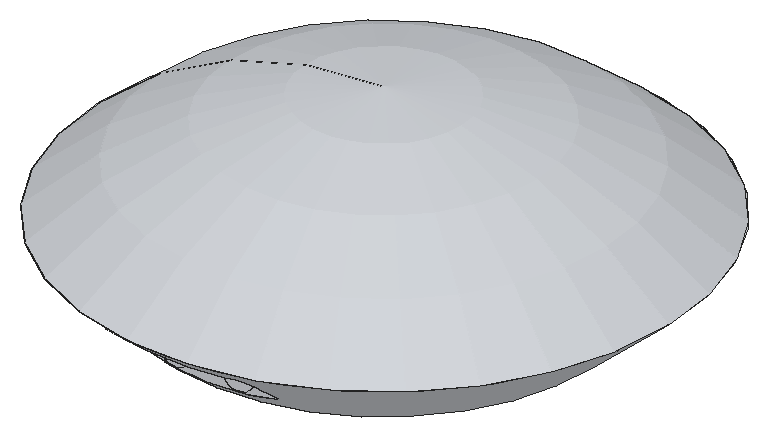
Revit family "0049021 Sylvania Lighting Fixture Start Surface IP66 2500lm 840 MW IK10 WHT", category Lighting Fixtures, host Face, Revit 2016
Family settings
  Host = Face
  Part Type = Normal
  Round Connector Dimension = Use Diameter
  OmniClass Number = 23.80.70.00
  OmniClass Title = Lighting
  Cut with Voids When Loaded = No
  Light Source = Yes
  Shared = No
  Room Calculation Point = No
Parameters (values of type "Type Name")
  power entry width = 90 mm
  power entry height = 28 mm
  power connector height = 12.5 mm
  power connector centres = 39 mm
  height = 110 mm
  connector position 2 = 40 mm
  connector length = 2 mm
  base height = 40 mm
  backplate diameter = 256 mm
  Weight = ""
  Wattage Comments = ""
  Wattage = 9.2903 W
  WarrantyStartDate [instance] = "n/a"
  WarrantyGuarantorParts = "n/a"
  WarrantyDurationUnit = "n/a"
  WarrantyDurationParts = "n/a"
  WarrantyDescription = "n/a"
  built-in parameter 1150110 = 1 (stored number, unit not read)
  Voltage = 0 V
  URL = "http://www.feilosylvania.com"
  TypeName = ""
  Type Image = <None>
  Type Comments = "n/a"
  Tube Diameter = 80 mm
  built-in parameter 1114217 = 1 (stored number, unit not read)
  Tilt Angle = 90.00°
  built-in parameter 1150109 = 1 (stored number, unit not read)
  built-in parameter 1150134 = 3
  built-in parameter 1150113 = 1 (stored number, unit not read)
  SerialNumber [instance] = "n/a"
  Photometric Web File = "0049021-450mA.ies"
  Material_3_FEILO = none
  PowerFactor = 0
  PowerConsumption = ""
  NominalLength = 0 mm
  NominalHeight = 0 mm
  NominalDepth = 0 mm
  Name = ""
  ModelReference = Name  # ""
  ModelNumber = ""
  Model = Name  # ""
  Material = ""
  ManufacturerName = "Feilo Sylvania"
  Manufacturer = "Feilo Sylvania"
  LuminousEfficacy = ""
  built-in parameter 1150105 = 109.82 (stored number, unit not read)
  Lumens = 1380 lm
  LuminaireType = ""
  built-in parameter 1150115 = 1 (stored number, unit not read)
  LightOutputRatio = ""
  built-in parameter 1150137 = (empty or 0)
  built-in parameter 1150139 = (empty or 0)
  LampsType = Lamp  # ""
  LampNominalLuminous = ""
  LampMacAdamStep = ""
  LampColourTemperature = ""
  LampColourRenderingIndex = ""
  built-in parameter 1150112 = 1 (stored number, unit not read)
  built-in parameter 1150114 = 1 (stored number, unit not read)
  Lamp = ""
  Keynote = "16500"
  InstallationDate [instance] = "n/a"
  InputVoltage = ""
  InputNominalFrequency = ""
  built-in parameter 1150132 = (empty or 0)
  built-in parameter 1150102 = (empty or 0)
  built-in parameter 1150107 = 3200 (stored number, unit not read)
  built-in parameter 1150138 = (empty or 0)
  IngressProtection = ""
  ImpactProtectionIndex = ""
  built-in parameter 1150106 = 1.0982 (stored number, unit not read)
  IfcExportType = "IfcLightFixtureType"
  IfcExportAs = "IfcLightFixtureType"
  Height = 250 mm
  ExpectedLife = 50000
  Emit from Circle Diameter = 609.6 mm
  Emit Shape Visible in Rendering = no
  ElectricShockClassification = ""
  built-in parameter 1150104 = 13.8 (stored number, unit not read)
  DurationUnit = "hours"
  DocumentationLiterature = ""
  DimmingControlOptions = ""
  Material_2_FEILO = none
  Dimming Lamp Color Temperature Shift = <None>
  Diameter = 350 mm
  Description = ""
  Default Elevation = 1219.2 mm
  CreatedOn = ""
  CreatedBy = ""
  Cost = 0
  Color Filter = 16777215
  built-in parameter 1114216 [instance] = (empty or 0)
  ClassificationValue = "EF_70_80"
  ClassificationName = "Uniclass2015"
  Material_1_FEILO = none
  BarCode [instance] = "n/a"
  built-in parameter 1114218 = 1 (stored number, unit not read)
  built-in parameter 1150133 = 10 (stored number, unit not read)
  AssetType = ""
  AssetIdentifier [instance] = "n/a"
  Assembly Code = "D5020200"
  Apparent Load = 0 VA
  Material_4_FEILO = none
Reference planes
  plane 1 "Center (Front/Back)": y = 0
  plane 2: z = 0
  plane 3 "Center (Left/Right)": x = 0
  plane 4: z = 0
  plane 5: y = 128
  plane 6: y = -128
  plane 7: y = 175
  plane 8: y = -175
  plane 9: z = 40
  plane 10: z = 110
  plane 11: x = -45.686
  plane 12: x = 44.314
  plane 13: z = 5
  plane 14: z = 33
  plane 15: y = -135
  plane 16: x = 19.5
  plane 17: x = -19.5
  plane 18: z = 20.5
  plane 19: y = -137
  plane 20: y = 135
Forms (mm)
  Blend 1, solid, detail levels medium+fine
    base sketch origin (4.2, 0, 0) x (1, 0, 0) y (0, 1, 0)
      loop
        circle (-4.2, 0) r 128
    top sketch origin (4.2, 0, 0) x (1, 0, 0) y (0, 1, 0)
      loop
        circle (-4.2, 0) r 175
    from 0 to 40
  Revolve 2, solid, detail levels medium+fine
    sketch origin (0, 0, 0) x (1, 0, 0) y (0, 0, 1)
      loop
        arc (175, 40) -> (94.148, 91.621) -> (0, 110) r 257.018
        line (0, 110) -> (0, 40) -> (175, 40)
      axis (0, 110) -> (0, 40)
    angle from -180 to 179.914
  Extrusion 3, void
    sketch origin (0, 0, 0) x (1, 0, 0) y (0, 0, 1)
      loop
        line (-45.686, 25.025) -> (-45.686, 5) -> (44.314, 5) -> (44.314, 25.025)
        arc (44.314, 25.025) -> (42.644, 30.018) -> (38.304, 33) r 8.297
        line (38.304, 33) -> (-39.676, 33)
        arc (-39.676, 33) -> (-44.015, 30.018) -> (-45.686, 25.025) r 8.297
    from 135 to 166.869
  Extrusion 4, solid, detail levels fine
    sketch origin (1524, -324.9, 1219.2) x (1, 0, 0) y (0, 0, 1)
      loop
        circle (-1504.5, -1198.7) r 11
      loop
        circle (-1543.5, -1198.7) r 11
    from -189.9 to -187.9
  Extrusion 5, void
    sketch origin (-0.686, -5.131, 0) x (-1, 0, 0) y (0, 0, 1)
      loop
        line (-45.686, 25.025) -> (-45.686, 5) -> (44.314, 5) -> (44.314, 25.025)
        arc (44.314, 25.025) -> (42.644, 30.018) -> (38.304, 33) r 8.297
        line (38.304, 33) -> (-39.676, 33)
        arc (-39.676, 33) -> (-44.015, 30.018) -> (-45.686, 25.025) r 8.297
    from 140.131 to 175.131
  Extrusion 6, solid
    sketch origin (1524, -52.9, 1219.2) x (1, 0, 0) y (0, 0, 1)
      loop
        circle (-1504.5, -1198.7) r 11
      loop
        circle (-1543.5, -1198.7) r 11
    from -189.9 to -187.9
  Extrusion 7, solid, detail levels coarse
    sketch origin (0, 1219.2, 38) x (1, 0, 0) y (0, 1, 0)
      loop
        line (175.117, -1396.13) -> (175.117, -1044.2) -> (-175, -1044.2) -> (-175, -1396.13) -> (175.117, -1396.13)
    from -38 to 72
Cuts and joins
  Extrusion 3, Extrusion 5 cuts Blend 1
  Extrusion 5 cuts Extrusion 4
Dimensions and locks
  "backplate diameter": plane 5 to plane 6
  equal spacing: plane 5, plane 1 "Center (Front/Back)", plane 6
  "Diameter": plane 7 to plane 8
  equal spacing: plane 7, plane 1 "Center (Front/Back)", plane 8
  "base height": plane 9 to level
  "height": plane 10 to host face
  "power entry width": plane 12 to plane 11
  plane 12 to imposter light to plane 11 = 44.201 mm, 45.799 mm
  "power entry height": plane 14 to plane 13
  "power connector centres": plane 17 to plane 16
  equal spacing: plane 17, plane 3 "Center (Left/Right)", plane 16
  "power connector height": plane 18 to plane 14
  "connector length": plane 15 to plane 19
  "connector position 2": plane 7 to plane 20
  aligned and locked: plane 2 to host face
  aligned and locked: level to host face
  aligned and locked: plane 10 to Extrusion 7
Automatic sketch dimensions
  host sketch curve to host sketch curve = 2438.4 mm  (x2)
  plane 1 "Center (Front/Back)" to Blend 1 sketch curve = 0 mm  (x2)
  Blend 1 sketch curve to plane 3 "Center (Left/Right)" = 0 mm  (x2)
  Revolve 2 sketch curve to plane 3 "Center (Left/Right)" = 0 mm  (x2)
  Revolve 2 sketch curve to plane 9 = 0 mm
  Revolve 2 sketch curve to plane 10 = 0 mm
  Revolve 2 sketch curve to plane 3 "Center (Left/Right)" = 1.306 mm
  plane 3 "Center (Left/Right)" to Revolve 2 sketch curve = 175 mm
  Revolve 2 sketch curve to level = 47.821 mm
  Revolve 2 sketch curve to Revolve 2 sketch curve = 80 mm
  Extrusion 3 sketch curve to plane 11 = 0 mm
  Extrusion 3 sketch curve to plane 14 = 0 mm
  Extrusion 3 sketch curve to plane 12 = 0 mm
  Extrusion 3 sketch curve to plane 13 = 0 mm
  plane 11 to Extrusion 3 sketch curve = 6.01 mm
  plane 18 to Extrusion 3 sketch curve = 4.525 mm  (x2)
  Extrusion 3 sketch curve to Extrusion 3 sketch curve = 8.297 mm
  plane 17 to Extrusion 4 sketch curve = 0 mm
  plane 16 to Extrusion 4 sketch curve = 0 mm
  Extrusion 4 sketch curve to plane 18 = 0 mm  (x2)
  Extrusion 5 sketch curve to plane 13 = 0 mm
  Extrusion 5 sketch curve to plane 14 = 0 mm
  plane 12 to Extrusion 5 sketch curve = 0.686 mm
  Extrusion 5 sketch curve to plane 12 = 5.324 mm
  plane 18 to Extrusion 5 sketch curve = 4.525 mm
  plane 11 to Extrusion 5 sketch curve = 8.982 mm
  plane 11 to Extrusion 5 sketch curve = 6.696 mm
  plane 11 to Extrusion 5 sketch curve = 0.686 mm
  plane 17 to Extrusion 6 sketch curve = 0 mm
  plane 16 to Extrusion 6 sketch curve = 0 mm
  Extrusion 6 sketch curve to plane 18 = 0 mm  (x2)
  Extrusion 7 sketch curve to plane 8 = 1.93 mm
  Extrusion 7 sketch curve to plane 11 = 129.314 mm
  plane 12 to Extrusion 7 sketch curve = 130.802 mm
  plane 5 to Extrusion 7 sketch curve = 47 mm
  radius of Blend 1 sketch curve = 128 mm
  radius of Blend 1 sketch curve = 175 mm
  radius of Extrusion 4 sketch curve = 11 mm  (x2)
  radius of Extrusion 6 sketch curve = 11 mm  (x2)
Connectors
  electrical at (19.5, 137, 20.5)
    settings: on Extrusion 6, index 1, voltage 0 V, apparent load 0 VA, apparent load phase1 0 VA, apparent load phase2 0 VA, apparent load phase3 0 VA, power factor 1, load classification "Other", number of poles 1, system type 31, power factor state 1, is connector primary yes, connector utility no, sub classification motor no, connector description ""
